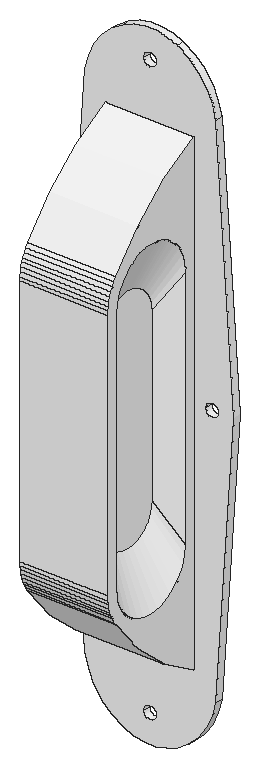
Revit family "KingswayGroup_PllHndls_ClassicGripAnti-LigatureHandleOnBackPlate", category Specialty Equipment, Revit 2020
Family settings
  Round Connector Dimension = Use Diameter
  Part Type = Normal
  Work Plane-Based = No
  Always vertical = Yes
  Cut with Voids When Loaded = No
  Shared = No
  Room Calculation Point = No
Parameters
  WarrantyStartDate [instance] = "1900-12-31T23:59:59"
  WarrantyGuarantorParts = "sales@kingswaygroup.co.uk"
  WarrantyGuarantorLabor = "n/a"
  WarrantyDurationUnit = "year"  # constant formula
  WarrantyDurationParts = "5"  # constant formula
  WarrantyDurationLabor = "n/a"
  WarrantyDescription = "5-Year Guarantee *For faulty manufacture and not for damage"  # constant formula
  Version = "1"
  Uniclass2015Version = "Products v1.36"
  Uniclass2015Title = "Pull handles"
  Uniclass2015Code = "Pr_30_36_59_64"
  URL = "https://kingswaygroupglobal.com/"
  TagNumber [instance] = "n/a"
  SustainabilityPerformance = "n/a"
  Size = "70 x 270 x 47.8 mm"
  Shape = "n/a"
  SerialNumber [instance] = "n/a"
  Revision = "n/a"
  ReplacementCost = "n/a"
  ProductInformation = "https://kingswaygroupglobal.com/product/anti-ligature-classic-grip-handle-on-backplate?noredirect=true"
  NominalWidth = 47.80 mm  # constant formula
  NominalLength = 70.00 mm  # constant formula
  NominalHeight = 270.00 mm  # constant formula
  Name = "PullHandles_ClassicGripAnti-LigatureHandleOnBackPlate_KG60_KingswayGroup"
  ModelReference = "Classic GripAnti-Ligature Handle (On Backplate)"
  ModelNumber = "KG60"
  Model = ModelNumber  # "KG60"
  Material = "For full range of available material, contact Kingsway Group"
  ManufacturerURL = "https://kingswaygroupglobal.com/"
  ManufacturerName = "Kingsway Group"  # constant formula
  Manufacturer = ManufacturerName  # "Kingsway Group"
  InstallationDate [instance] = "1900-12-31T23:59:59"
  IfcExportType = "USERDEFINED"  # constant formula
  IfcExportAs = "IfcDiscreteAccessoryType"  # constant formula
  Grade = "n/a"
  Finish = "For full range of available finishes and colours, contact Kingsway Group"
  Features = "A solid anti-ligature handle with a large finger grip area to aid those with impaired manual dexterity. The handle is supplied on a large chamfered finger plate with radiused ends and countersunk fixing holes."
  ExpectedLife = "n/a"
  DurationUnit = "year"
  HandleMaterial [instance] = NBS_Concept
  Description = "Classic Grip Pull Handle On Backplate"
  Default Elevation = 0.00 mm
  Constituents = "n/a"
  Color = "For full range of available finishes and colours, contact Kingsway Group"
  CodePerformance = "n/a"
  Category = "Pr_30_36_59_64:Pull handles"
  BarCode [instance] = "n/a"
  BIMObjectName = "KingswayGroup_PullHandles_ClassicGripAnti-LigatureHandleOnBackPlate"
  Author = "Kingsway Group"  # constant formula
  AssetType = "Fixed"
  AssetIdentifier [instance] = "n/a"
  AccessibilityPerformance = "n/a"
Reference planes
  plane 1 "Center (Front/Back)": y = 0
  plane 2: z = 0
  plane 3 "Center (Left/Right)": x = 0
Forms (mm)
  Extrusion 1, solid, material "NBS_Concept" <- "HandleMaterial"
    sketch origin (-28.25, -4195.823, 1396.708) x (0, -1, 0) y (0, 0, -1)
      loop
        arc (-4151.662, 1462.303) -> (-4169.915, 1482.475) -> (-4192.823, 1497.148) r 102.72
        line (-4192.823, 1497.148) -> (-4192.823, 1496.012) -> (-4192.823, 1297.448) -> (-4192.823, 1296.312)
        arc (-4192.823, 1296.312) -> (-4169.9, 1311.008) -> (-4151.662, 1331.228) r 102.367
        line (-4151.662, 1331.228) -> (-4150.739, 1332.647) -> (-4149.959, 1334.137) -> (-4149.32, 1335.699) -> (-4148.752, 1337.26) -> (-4148.327, 1338.892) -> (-4147.972, 1340.595) -> (-4147.759, 1342.228) -> (-4147.759, 1343.931) -> (-4147.759, 1449.529) -> (-4147.759, 1451.232) -> (-4147.972, 1452.935) -> (-4148.327, 1454.568) -> (-4148.752, 1456.2) -> (-4149.32, 1457.832) -> (-4149.959, 1459.322) -> (-4150.739, 1460.813) -> (-4151.662, 1462.303)
    from 9.5 to 46.5
  Blend 2, void
    base sketch origin (-18.75, -4233.598, 1344.894) x (0, -1, 0) y (0, 0, -1)
      loop
        arc (-4189.42, 1396.998) -> (-4207.943, 1415.521) -> (-4226.466, 1396.998) r 18.523
        line (-4226.466, 1396.998) -> (-4226.466, 1292.42)
        arc (-4226.466, 1292.42) -> (-4207.943, 1273.897) -> (-4189.42, 1292.42) r 18.523
        line (-4189.42, 1292.42) -> (-4189.42, 1396.998)
    top sketch origin (-18.75, -4233.598, 1344.894) x (0, -1, 0) y (0, 0, -1)
      loop
        line (-4195.275, 1308.904) -> (-4195.275, 1380.47)
        arc (-4195.275, 1380.47) -> (-4208.037, 1393.232) -> (-4220.8, 1380.47) r 12.762
        line (-4220.8, 1380.47) -> (-4220.8, 1308.904)
        arc (-4220.8, 1308.904) -> (-4208.037, 1296.141) -> (-4195.275, 1308.904) r 12.762
    from 0 to 10
  Blend 3, void
    base sketch origin (-9.25, -4230.598, 1347.455) x (0, -1, 0) y (0, 0, 1)
      loop
        line (-4186.42, -1399.767) -> (-4186.42, -1295.188)
        arc (-4186.42, -1295.188) -> (-4204.943, -1276.665) -> (-4223.466, -1295.188) r 18.523
        line (-4223.466, -1295.188) -> (-4223.466, -1399.767)
        arc (-4223.466, -1399.767) -> (-4204.943, -1418.29) -> (-4186.42, -1399.767) r 18.523
    top sketch origin (-9.25, -4230.598, 1347.455) x (0, -1, 0) y (0, 0, 1)
      loop
        arc (-4192.275, -1311.672) -> (-4205.037, -1298.91) -> (-4217.8, -1311.672) r 12.762
        line (-4217.8, -1311.672) -> (-4217.8, -1383.238)
        arc (-4217.8, -1383.238) -> (-4205.037, -1396.001) -> (-4192.275, -1383.238) r 12.762
        line (-4192.275, -1383.238) -> (-4192.275, -1311.672)
    from -28 to -17.489
  Extrusion 4, solid, material "NBS_Concept" <- "HandleMaterial"
    sketch origin (0.028, 0, -0.231) x (1, 0, 0) y (0, 0, 1)
      loop
        arc (-11.355, 132.505) -> (-22.224, 123.209) -> (-27.514, 109.92) r 29.817
        arc (-27.514, 109.92) -> (-35.02, 0.23) -> (-27.514, -109.46) r 805.305
        arc (-27.514, -109.46) -> (-22.201, -122.73) -> (-11.355, -132.041) r 30.031
        arc (-11.355, -132.041) -> (-0.029, -134.764) -> (11.297, -132.041) r 24.912
        arc (11.297, -132.041) -> (22.112, -122.72) -> (27.386, -109.453) r 29.969
        arc (27.386, -109.453) -> (34.962, 0.236) -> (27.385, 109.925) r 797.849
        arc (27.385, 109.925) -> (22.138, 123.208) -> (11.297, 132.505) r 29.698
        arc (11.297, 132.505) -> (-0.029, 135.229) -> (-11.355, 132.505) r 24.912
      loop
        circle (-0.065, 123.246) r 2.753
      loop
        circle (25.98, 0.243) r 2.747
      loop
        circle (-26.026, 0.243) r 2.747
      loop
        circle (-0.065, -122.812) r 2.753
    from 0 to 3
Cuts and joins
  Blend 2, Blend 3 cuts Extrusion 1
Dimensions and locks
  aligned and locked: level to plane 2
